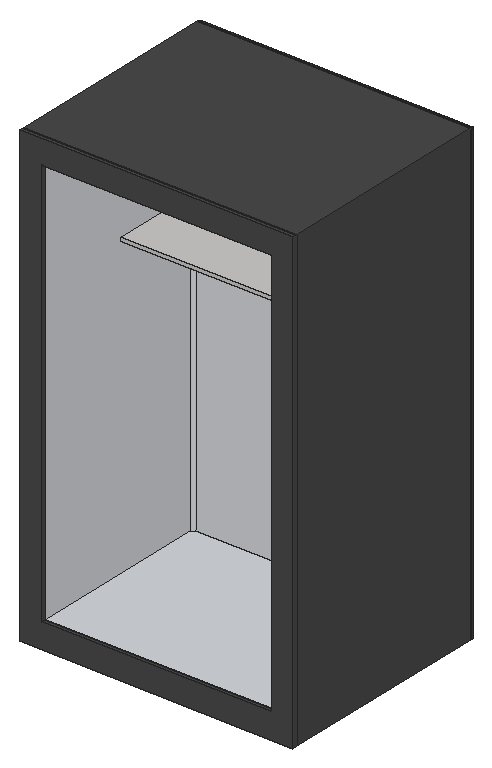
Revit family "Summit_SPR196OSADA", category Specialty Equipment, Revit 2020
Family settings
  Round Connector Dimension = Use Diameter
  Part Type = Normal
  Work Plane-Based = No
  Always vertical = Yes
  Cut with Voids When Loaded = No
  Shared = No
  Room Calculation Point = No
Parameters
  Show Clearance [instance] = yes
  Model = "SPR196OSADA"
  Manufacturer = "Summit"
  Length = 19"
  Height = 32 3/8"
  Description = "Indoor/Outdoor Beverage Cooler, ADA Compliant"
  Depth = 17"
  Default Elevation = 0"
Reference planes (in)
  plane 1: z = 0
  plane 2 "LEFT": x = 0
  plane 3 "RIGHT": x = 19
  plane 4 "FRONT": y = -17.75
  plane 5 "TOP": z = 32.375
  plane 6 "Center Y": x = 9.5
  plane 7 "Center X": y = -9.25
  plane 8 "BACK": y = -0.75
  plane 9: y = -19.375
  plane 10: y = -16.125
  plane 11: y = -16.41209
  plane 12: z = 0.5
  plane 13: y = -0.9375
  plane 14: y = -35.49996
  plane 15: z = 32.5
Forms (in)
  Extrusion 1, solid
    sketch origin (22.25, -2.96287, 24.25) x (0, 1, 0) y (-1, 0, 0)
      loop
        line (2.02537, 22.25) -> (-13.16213, 22.25) -> (-13.16213, 3.25) -> (2.02537, 3.25) -> (2.02537, 22.25)
    from -23.75 to 8.125
  Extrusion 2, solid, material "QF_Plastic - Black - Matte"
    sketch origin (22.25, -2.96287, 24.25) x (0, 1, 0) y (-1, 0, 0)
      loop
        line (-13.16213, 22.25) -> (-13.44922, 22.25) -> (-13.44922, 3.25) -> (-13.16213, 3.25) -> (-13.16213, 22.25)
    from -23.75 to 8.125
  Extrusion 3, solid
    sketch origin (22.25, -2.96287, 24.25) x (0, 1, 0) y (-1, 0, 0)
      loop
        line (2.02537, 3.25) -> (2.11287, 3.25)
        arc (2.11287, 3.25) -> (2.18358, 3.27929) -> (2.21287, 3.35) r 0.1
        line (2.21287, 3.35) -> (2.21287, 22.15)
        arc (2.21287, 22.15) -> (2.18358, 22.22071) -> (2.11287, 22.25) r 0.1
        line (2.11287, 22.25) -> (2.02537, 22.25) -> (2.02537, 3.25)
    from -23.75 to 8.125
  Extrusion 4, void
    sketch origin (22.25, -2.96287, 24.25) x (0, 1, 0) y (-1, 0, 0)
      loop
        line (-13.44922, 4.75) -> (-0.59963, 4.75)
        arc (-0.59963, 4.75) -> (-0.42285, 4.82322) -> (-0.34963, 5) r 0.25
        line (-0.34963, 5) -> (-0.34963, 20.5)
        arc (-0.34963, 20.5) -> (-0.42285, 20.67678) -> (-0.59963, 20.75) r 0.25
        line (-0.59963, 20.75) -> (-13.44922, 20.75) -> (-13.44922, 4.75)
    from -22 to 6.5
  Extrusion 5, solid, material "QF_Metal_Stainless_Polished"
    sketch origin (0, 0, 7) x (1, 0, 0) y (0, 1, 0)
      loop
        line (1.5, -9.59375) -> (17.5, -9.59375) -> (17.5, -3.5625) -> (1.5, -3.5625) -> (1.5, -9.59375)
    from 16 to 16.25
  Extrusion 6, solid
    sketch origin (23.88, 0, 0) x (0, 1, 0) y (0, 0, 1)
      loop
        line (-12.25, 30) -> (-5.81931, 28.75) -> (-3.3125, 28.75) -> (-3.3125, 30.75) -> (-12.25, 30.75) -> (-12.25, 30)
    from -19.63 to -9.13
  Revolve 7, solid, material "QF_Plastic - Black - Matte"
    sketch origin (-74.8943, -14.85392, 32) x (1, 0, 0) y (0, 0, 1)
      loop
        line (76.73805, -31.625) -> (76.73805, -31.5) -> (76.4568, -31.5) -> (76.4568, -32) -> (77.19926, -32) -> (77.19926, -31.625) -> (76.73805, -31.625)
      axis (76.4568, -32) -> (76.4568, -31.5)
    angle from 0 to 360
  Revolve 8, solid, material "QF_Plastic - Black - Matte"
    sketch origin (93.8943, -14.85392, 32) x (-1, 0, 0) y (0, 0, -1)
      loop
        line (76.73805, 31.625) -> (77.19926, 31.625) -> (77.19926, 32) -> (76.4568, 32) -> (76.4568, 31.5) -> (76.73805, 31.5) -> (76.73805, 31.625)
      axis (76.4568, 32) -> (76.4568, 31.5)
    angle from 0 to 360
  Revolve 9, solid, material "QF_Plastic - Black - Matte"
    sketch origin (-74.8943, -2.04142, 32) x (1, 0, 0) y (0, 0, 1)
      loop
        line (76.73805, -31.625) -> (76.73805, -31.5) -> (76.4568, -31.5) -> (76.4568, -32) -> (77.19926, -32) -> (77.19926, -31.625) -> (76.73805, -31.625)
      axis (76.4568, -32) -> (76.4568, -31.5)
    angle from 0 to 360
  Revolve 10, solid, material "QF_Plastic - Black - Matte"
    sketch origin (93.8943, -2.04142, 32) x (-1, 0, 0) y (0, 0, -1)
      loop
        line (76.73805, 31.625) -> (77.19926, 31.625) -> (77.19926, 32) -> (76.4568, 32) -> (76.4568, 31.5) -> (76.73805, 31.5) -> (76.73805, 31.625)
      axis (76.4568, 32) -> (76.4568, 31.5)
    angle from 0 to 360
  Extrusion 11, solid, material "QF_Metal_Stainless_Polished"
    sketch origin (0, -0.75, 0) x (1, 0, 0) y (0, 0, 1)
      loop
        circle (16, 1.41109) r 0.25
    from 0.24762 to 0
Cuts and joins
  Extrusion 4 cuts Extrusion 1
  joined: Extrusion 1, Extrusion 6
  Extrusion 4 cuts Extrusion 2
Lines and regions (in)
  symbolic lines, style "SpecialityEquipment"
    curve 1: arc (0.35, -0.75, 0) -> (0.27929, -0.77929, 0) -> (0.25, -0.85, 0) r 0.1
    curve 2: line (0.25, -0.85, 0) -> (0.25, -0.9375, 0)
    curve 3: line (18.875, -0.9375, 0) -> (18.875, -0.85, 0)
    curve 4: arc (18.875, -0.85, 0) -> (18.84571, -0.77929, 0) -> (18.775, -0.75, 0) r 0.1
    curve 5: line (18.775, -0.75, 0) -> (0.35, -0.75, 0)
    curve 6: line (0, -0.9375, 0) -> (0, -16.125, 0)
    curve 7: line (0, -16.125, 0) -> (19, -16.125, 0)
    curve 8: line (19, -16.125, 0) -> (19, -0.9375, 0)
    curve 9: line (19, -0.9375, 0) -> (0, -0.9375, 0)
Dimensions and locks (in)
  equal spacing: plane 2 "LEFT", plane 6 "Center Y", plane 3 "RIGHT"
  "Length": plane 2 "LEFT" to plane 3 "RIGHT"
  equal spacing: plane 4 "FRONT", plane 7 "Center X", plane 8 "BACK"
  "Height": plane 5 "TOP" to level
  plane 3 "RIGHT" to plane 2 "LEFT" = 19"
  plane 5 "TOP" to level = 32 3/8"  (x2)
  "Depth": plane 4 "FRONT" to plane 8 "BACK"
  plane 12 to level = 1/2"
  plane 14 to plane 8 "BACK" = 34.74996"
  plane 10 to plane 8 "BACK" = 15 3/8"
  plane 9 to plane 4 "FRONT" = 1 5/8"
  plane 15 to level = 32 1/2"
  aligned and locked: level to plane 1
  aligned and locked: plane 12 to cut or joined group of Extrusion 1, Extrusion 4, Extrusion 6
  aligned and locked: plane 12 to cut or joined group of Extrusion 2, Extrusion 4
  aligned and locked: plane 5 "TOP" to cut or joined group of Extrusion 2, Extrusion 4
  aligned and locked: plane 5 "TOP" to cut or joined group of Extrusion 1, Extrusion 4, Extrusion 6
  aligned and locked: Extrusion 1 to cut or joined group of Extrusion 2, Extrusion 4
  aligned and locked: cut or joined group of Extrusion 1, Extrusion 4, Extrusion 6 to plane 13
  aligned and locked: cut or joined group of Extrusion 1, Extrusion 4, Extrusion 6 to plane 3 "RIGHT"
Automatic sketch dimensions
  Extrusion 1 sketch curve to plane 2 "LEFT" = 0"
  plane 10 to Extrusion 1 sketch curve = 0"
  plane 3 "RIGHT" to Extrusion 1 sketch curve = 0"
  plane 8 "BACK" to Extrusion 1 sketch curve = 3/16"
  plane 11 to Extrusion 2 sketch curve = 0"
  plane 10 to Extrusion 2 sketch curve = 0"
  plane 3 "RIGHT" to Extrusion 2 sketch curve = 0"
  plane 2 "LEFT" to Extrusion 2 sketch curve = 0"
  plane 8 "BACK" to Extrusion 3 sketch curve = 0"
  plane 8 "BACK" to Extrusion 3 sketch curve = 0.1"
  Extrusion 3 sketch curve to Extrusion 3 sketch curve = 0.1"
  Extrusion 3 sketch curve to Extrusion 3 sketch curve = 0.0875"
  plane 3 "RIGHT" to Extrusion 3 sketch curve = 0"
  plane 2 "LEFT" to Extrusion 3 sketch curve = 0.1"
  plane 11 to Extrusion 4 sketch curve = 0"
  plane 8 "BACK" to Extrusion 4 sketch curve = 2 13/16"  (x2)
  Extrusion 4 sketch curve to Extrusion 4 sketch curve = 1/4"
  plane 3 "RIGHT" to Extrusion 4 sketch curve = 1 1/2"
  plane 2 "LEFT" to Extrusion 4 sketch curve = 1 3/4"
  plane 2 "LEFT" to Extrusion 5 sketch curve = 1 1/2"
  plane 3 "RIGHT" to Extrusion 5 sketch curve = 1 1/2"
  Extrusion 5 sketch curve to plane 7 "Center X" = 11/32"
  plane 8 "BACK" to Extrusion 5 sketch curve = 2 13/16"
  Revolve 7 sketch curve to plane 12 = 0"  (x2)
  Revolve 7 sketch curve to level = 0"
  plane 2 "LEFT" to Revolve 7 sketch curve = 1 9/16"
  plane 12 to Revolve 7 sketch curve = 1/8"
  Revolve 7 sketch curve to Revolve 7 sketch curve = 9/32"
  Revolve 7 sketch curve to Revolve 7 sketch curve = 0.46121"
  Revolve 7 sketch curve to Revolve 7 sketch curve = 0"
  Revolve 7 sketch curve to plane 12 = 1/4"
  Revolve 8 sketch curve to plane 12 = 0"  (x2)
  Revolve 8 sketch curve to level = 0"
  plane 3 "RIGHT" to Revolve 8 sketch curve = 1 9/16"
  plane 12 to Revolve 8 sketch curve = 1/8"
  Revolve 8 sketch curve to Revolve 8 sketch curve = 9/32"
  Revolve 8 sketch curve to Revolve 8 sketch curve = 0.46121"
  Revolve 8 sketch curve to Revolve 8 sketch curve = 0"
  Revolve 8 sketch curve to plane 12 = 1/4"
  Revolve 9 sketch curve to plane 12 = 0"  (x2)
  Revolve 9 sketch curve to level = 0"
  plane 2 "LEFT" to Revolve 9 sketch curve = 1 9/16"
  plane 12 to Revolve 9 sketch curve = 1/8"
  Revolve 9 sketch curve to Revolve 9 sketch curve = 9/32"
  Revolve 9 sketch curve to Revolve 9 sketch curve = 0.46121"
  Revolve 9 sketch curve to Revolve 9 sketch curve = 0"
  Revolve 9 sketch curve to plane 12 = 1/4"
  Revolve 10 sketch curve to plane 12 = 0"  (x2)
  Revolve 10 sketch curve to level = 0"
  plane 3 "RIGHT" to Revolve 10 sketch curve = 1 9/16"
  plane 12 to Revolve 10 sketch curve = 1/8"
  Revolve 10 sketch curve to Revolve 10 sketch curve = 9/32"
  Revolve 10 sketch curve to Revolve 10 sketch curve = 0.46121"
  Revolve 10 sketch curve to Revolve 10 sketch curve = 0"
  Revolve 10 sketch curve to plane 12 = 1/4"
  Extrusion 6 sketch curve to plane 7 "Center X" = 3"
  plane 8 "BACK" to Extrusion 6 sketch curve = 2 9/16"
  Extrusion 6 sketch curve to Extrusion 6 sketch curve = 3/4"
  plane 7 "Center X" to Extrusion 6 sketch curve = 3.43069"
  Extrusion 6 sketch curve to plane 5 "TOP" = 3 5/8"
  Extrusion 6 sketch curve to plane 5 "TOP" = 2 3/8"
  Extrusion 11 sketch curve to plane 12 = 0.91109"
  plane 3 "RIGHT" to Extrusion 11 sketch curve = 3"
  curve 6 to plane 2 "LEFT" = 0"
  plane 13 to curve 2 = 0"
  plane 8 "BACK" to curve 1 = 0"
  curve 2 to plane 13 = 0.0875"
  plane 2 "LEFT" to curve 2 = 1/4"
  curve 4 to plane 13 = 0.0875"
  plane 3 "RIGHT" to curve 4 = 0.225"
  curve 8 to plane 3 "RIGHT" = 0"
  plane 10 to curve 8 = 0"
  radius of Extrusion 11 sketch curve = 1/4"
